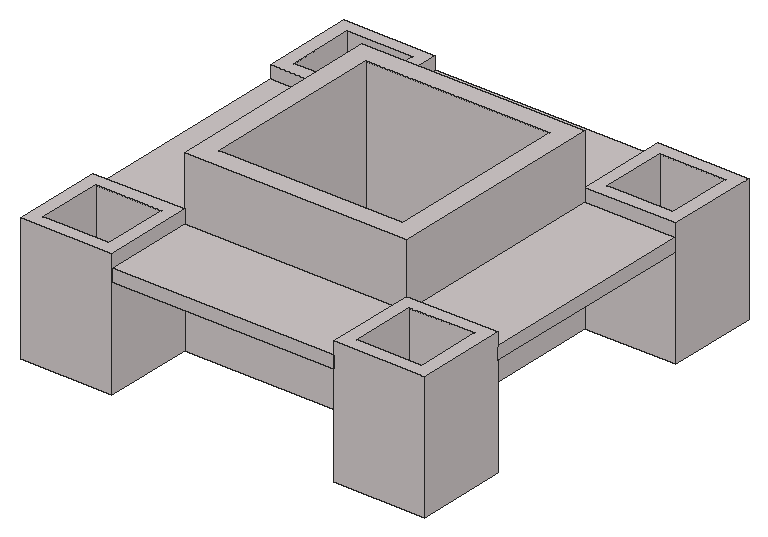
Revit family
Parameters (values of type "1600 x1600 mm")
  Width = 1600 mm
  Planter Material = Precast Concrete
  Length = 1600 mm
Types (3, lengths in mm): name | Planter Material
  (no name) | Precast Concrete
  2000 x 1650 mm | none
  1600 x1600 mm | Precast Concrete
Reference planes
  plane 1 "Center (Front/Back)": y = -5
  plane 2: z = 0
  plane 3 "Center (Left/Right)": x = 0
  plane 4: z = 700
  plane 5: x = -811.107
  plane 6: x = -450
  plane 7: x = 428.893
  plane 8: x = 788.893
  plane 9: y = 810.848
  plane 10: y = 450
  plane 11: y = -429.152
  plane 12: y = -789.152
  plane 13: z = 450
  plane 14: z = 500
Forms (mm)
  Extrusion 1, solid, material "Precast Concrete" <- "Planter Material"
    sketch origin (0, 0, 0) x (1, 0, 0) y (0, 1, 0)
      loop
        line (-450, 450) -> (-450, -429.152) -> (428.893, -429.152) -> (428.893, 450) -> (-450, 450)
      loop
        line (-375, 375) -> (-375, -353.893) -> (353.893, -353.893) -> (353.893, 375) -> (-375, 375)
    from 0 to 700
  Extrusion 2, solid, material "Precast Concrete" <- "Planter Material"
    sketch origin (0, 0, 0) x (1, 0, 0) y (0, 1, 0)
      loop
        line (-450, -428.893) -> (-450, -789.152) -> (428.893, -789.152) -> (428.893, -428.893) -> (-450, -428.893)
      loop
        line (-450, 450) -> (428.893, 450) -> (428.893, 810.848) -> (-450, 810.848) -> (-450, 450)
    from 400 to 450
  Extrusion 3, solid, material "Precast Concrete" <- "Planter Material"
    sketch origin (0, 0, 0) x (1, 0, 0) y (0, 1, 0)
      loop
        line (428.893, 450) -> (428.893, -429.152) -> (788.893, -429.152) -> (788.893, 450) -> (428.893, 450)
      loop
        line (-450, 450) -> (-811.107, 450) -> (-811.107, -429.152) -> (-450, -429.152) -> (-450, 450)
    from 400 to 450
  Extrusion 4, solid, material "Precast Concrete" <- "Planter Material"
    sketch origin (0, 0, 0) x (1, 0, 0) y (0, 1, 0)
      loop
        line (428.893, 810.848) -> (428.893, 450) -> (788.893, 450) -> (788.893, 810.848) -> (428.893, 810.848)
      loop
        line (428.893, -789.152) -> (788.893, -789.152) -> (788.893, -429.152) -> (428.893, -429.152) -> (428.893, -789.152)
      loop
        line (-811.107, -429.152) -> (-811.107, -789.152) -> (-450, -789.152) -> (-450, -429.152) -> (-811.107, -429.152)
      loop
        line (-450, 810.848) -> (-811.107, 810.848) -> (-811.107, 450) -> (-450, 450) -> (-450, 810.848)
      loop
        line (-500, 760.848) -> (-761.107, 760.848) -> (-761.107, 500) -> (-500, 500) -> (-500, 760.848)
      loop
        line (478.893, 760.848) -> (478.893, 500) -> (738.893, 500) -> (738.893, 760.848) -> (478.893, 760.848)
      loop
        line (478.893, -739.152) -> (738.893, -739.152) -> (738.893, -479.152) -> (478.893, -479.152) -> (478.893, -739.152)
      loop
        line (-761.107, -479.152) -> (-761.107, -739.152) -> (-500, -739.152) -> (-500, -479.152) -> (-761.107, -479.152)
    from 0 to 500
Lines and regions (mm)
  symbolic lines
    curve 1: line (-811.107, 810.848, 0) -> (788.893, 810.848, 0)
    curve 2: line (-811.107, -789.152, 0) -> (-811.107, 810.848, 0)
    curve 3: line (788.893, -789.152, 0) -> (-811.107, -789.152, 0)
    curve 4: line (788.893, 810.848, 0) -> (788.893, -789.152, 0)
    curve 5: line (478.893, -479.152, 0) -> (738.893, -479.152, 0)
    curve 6: line (478.893, -739.152, 0) -> (478.893, -479.152, 0)
    curve 7: line (738.893, -739.152, 0) -> (478.893, -739.152, 0)
    curve 8: line (738.893, -479.152, 0) -> (738.893, -739.152, 0)
    curve 9: line (478.893, 760.848, 0) -> (738.893, 760.848, 0)
    curve 10: line (478.893, 500, 0) -> (478.893, 760.848, 0)
    curve 11: line (738.893, 500, 0) -> (478.893, 500, 0)
    curve 12: line (738.893, 760.848, 0) -> (738.893, 500, 0)
    curve 13: line (-450, 450, 0) -> (428.893, 450, 0)
    curve 14: line (-450, -428.893, 0) -> (-450, 450, 0)
    curve 15: line (428.893, -428.893, 0) -> (-450, -428.893, 0)
    curve 16: line (428.893, 450, 0) -> (428.893, -428.893, 0)
    curve 17: line (-375, 375, 0) -> (353.893, 375, 0)
    curve 18: line (-375, -353.893, 0) -> (-375, 375, 0)
    curve 19: line (353.893, -353.893, 0) -> (-375, -353.893, 0)
    curve 20: line (353.893, 375, 0) -> (353.893, -353.893, 0)
    curve 21: line (-761.107, -479.152, 0) -> (-500, -479.152, 0)
    curve 22: line (-761.107, -739.152, 0) -> (-761.107, -479.152, 0)
    curve 23: line (-500, -739.152, 0) -> (-761.107, -739.152, 0)
    curve 24: line (-500, -479.152, 0) -> (-500, -739.152, 0)
    curve 25: line (-761.107, 760.848, 0) -> (-500, 760.848, 0)
    curve 26: line (-761.107, 500, 0) -> (-761.107, 760.848, 0)
    curve 27: line (-500, 500, 0) -> (-761.107, 500, 0)
    curve 28: line (-500, 760.848, 0) -> (-500, 500, 0)
    curve 29: line (-450, 810.848, 0) -> (-450, 450, 0)
    curve 30: line (-811.107, 450, 0) -> (-450, 450, 0)
    curve 31: line (428.893, 810.848, 0) -> (428.893, 450, 0)
    curve 32: line (428.893, 450, 0) -> (788.893, 450, 0)
    curve 33: line (428.893, -428.893, 0) -> (788.893, -428.893, 0)
    curve 34: line (-450, -428.893, 0) -> (-811.107, -428.893, 0)
    curve 35: line (-450, -428.893, 0) -> (-450, -789.152, 0)
    curve 36: line (428.893, -428.893, 0) -> (428.893, -808.893, 0)
Dimensions and locks
  locked: plane 5 to plane 6 at 361.107
  locked: plane 7 to plane 8 at 360
  locked: plane 12 to plane 11 at 360
  locked: plane 10 to plane 9 at 360.848
  "Width": plane 12 to plane 9
  "Length": plane 5 to plane 8
  plane 4 to level = 700 mm
  plane 14 to level = 500 mm
  plane 13 to level = 450 mm
  aligned and locked: plane 4 to Extrusion 1
  aligned and locked: Extrusion 1 to Extrusion 3 sketch curve  (x2)
  aligned and locked: Extrusion 3 sketch curve to Extrusion 1  (x2)
  aligned and locked: Extrusion 3 sketch curve to Extrusion 3 sketch curve
  aligned and locked: Extrusion 2 to Extrusion 4 sketch curve  (x4)
  aligned and locked: Extrusion 4 sketch curve to Extrusion 2  (x4)
  aligned and locked: Extrusion 4 sketch curve to Extrusion 3  (x5)
  aligned and locked: Extrusion 3 to Extrusion 4 sketch curve  (x3)
  aligned and locked: plane 5 to Extrusion 3
  aligned and locked: plane 6 to Extrusion 1
  aligned and locked: Extrusion 1 to plane 7
  aligned and locked: Extrusion 3 to plane 8
  aligned and locked: plane 9 to Extrusion 2
  aligned and locked: plane 10 to Extrusion 1
  aligned and locked: Extrusion 1 to plane 11
  aligned and locked: Extrusion 2 to plane 12
  aligned and locked: plane 13 to Extrusion 3
  aligned and locked: plane 14 to Extrusion 4
Automatic sketch dimensions
  Extrusion 1 sketch curve to plane 6 = 0 mm
  Extrusion 1 sketch curve to plane 7 = 0 mm
  Extrusion 1 sketch curve to plane 11 = 0 mm
  Extrusion 1 sketch curve to plane 10 = 0 mm
  plane 6 to Extrusion 1 sketch curve = 75 mm
  Extrusion 1 sketch curve to plane 7 = 75 mm
  Extrusion 1 sketch curve to plane 11 = 75.259 mm
  plane 10 to Extrusion 1 sketch curve = 75 mm
  Extrusion 2 sketch curve to plane 6 = 0 mm  (x2)
  Extrusion 2 sketch curve to plane 7 = 0 mm  (x2)
  Extrusion 2 sketch curve to plane 12 = 0 mm
  Extrusion 2 sketch curve to plane 11 = 0.259 mm
  Extrusion 2 sketch curve to plane 10 = 0 mm
  Extrusion 2 sketch curve to plane 9 = 0 mm
  Extrusion 3 sketch curve to plane 5 = 0 mm
  Extrusion 3 sketch curve to plane 8 = 0 mm
  Extrusion 3 sketch curve to plane 11 = 0 mm
  plane 5 to Extrusion 4 sketch curve = 50 mm  (x2)
  Extrusion 4 sketch curve to plane 6 = 50 mm  (x2)
  plane 7 to Extrusion 4 sketch curve = 50 mm  (x2)
  Extrusion 4 sketch curve to plane 8 = 50 mm  (x2)
  Extrusion 4 sketch curve to plane 12 = 50 mm  (x2)
  plane 11 to Extrusion 4 sketch curve = 50 mm  (x2)
  Extrusion 4 sketch curve to plane 10 = 50 mm  (x2)
  plane 9 to Extrusion 4 sketch curve = 50 mm  (x2)
  curve 1 to plane 5 = 0 mm
  curve 29 to plane 6 = 0 mm
  curve 36 to plane 7 = 0 mm
  curve 32 to plane 8 = 0 mm
  curve 2 to plane 12 = 0 mm
  curve 16 to plane 10 = 0 mm
  curve 31 to plane 9 = 0 mm
  plane 5 to curve 21 = 50 mm
  plane 5 to curve 26 = 50 mm
  curve 27 to plane 6 = 50 mm
  curve 21 to plane 6 = 50 mm
  plane 6 to curve 17 = 75 mm
  curve 17 to plane 7 = 75 mm
  plane 7 to curve 9 = 50 mm
  plane 7 to curve 7 = 50 mm
  curve 5 to plane 8 = 50 mm
  curve 11 to plane 8 = 50 mm
  plane 12 to curve 36 = 19.741 mm
  curve 8 to plane 12 = 50 mm
  curve 24 to plane 12 = 50 mm
  plane 11 to curve 21 = 50 mm
  plane 11 to curve 5 = 50 mm
  curve 33 to plane 11 = 0.259 mm
  curve 19 to plane 11 = 75.259 mm
  plane 10 to curve 17 = 75 mm
  curve 26 to plane 10 = 50 mm
  curve 12 to plane 10 = 50 mm
  plane 9 to curve 25 = 50 mm
  plane 9 to curve 12 = 50 mm
